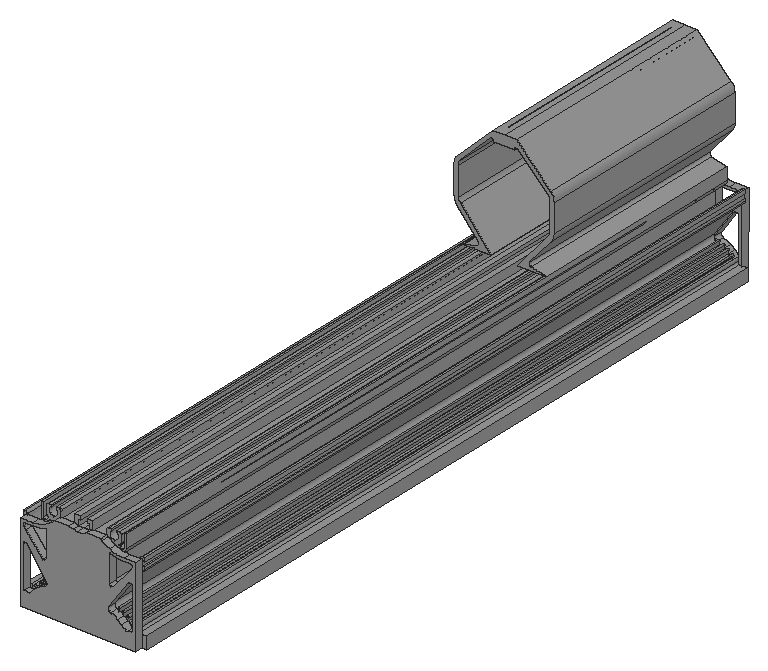
Revit family "L-street 24 Standart", category Осветительные приборы, Revit 2017 (continued)
Types (7, lengths in mm): name | built-in parameter 1150134 | Файл фотометрической сетки | built-in parameter 1150105 | Lumens | built-in parameter 1150106 | built-in parameter 1150142 | Wattage | built-in parameter 1150107 | Артикул
    08.164 1747.117 1770.316 1768.025 1760.292 1766.879 1781.772 1788.933 1742.247 1484.476 1009.032 603.758 398.114 286.413\r\n 198.198 124.017 71.031 49.263 41.53 36.947 33.224 28.928 0.00 0.00 0.00 0.00 0.00 0.00 0.00 0.00 0.00 0.00 0.00 0.00 0.00 0.00 \r\n0.00 0.00 0.00 0.00 0.00 0.00 0.00 0.00 0.00 0.00 0.00 0.00 0.00 0.00 0.00 0.00 0.00 0.00 0.00 0.00 0.00 0.00\r\n1229.747 1257.351 1285.419 1315.206 1347.284 1381.081 1415.451 1448.674 1479.034 1507.675 1536.317 1564.958 1593.026 1623.959 \r\n1657.183 1695.562 1741.388 1779.767 1790.651 1781.486 1783.204 1805.544 1842.778 1871.419 1782.63 1359.313 800.808 478.309 317.918 \r\n211.945 136.332 76.186 50.409 42.962 38.952 34.942 30.36 0.00 0.00 0.00 0.00 0.00 0.00 0.00 0.00 0.00 0.00 0.00 0.00 0.00 0.00 0.00\r\n 0.00 0.00 0.00 0.00 0.00 0.00 0.00 0.00 0.00 0.00 0.00 0.00 0.00 0.00 0.00 0.00 0.00 0.00 0.00 0.00 0.00\r\n1229.747 1257.638 1284.56 1312.629 1343.561 1376.785 1411.441 1443.805 1473.593 1501.947 1531.162 1559.23 1585.866 1614.794 \r\n1645.727 1681.242 1723.917 1767.165 1794.661 1799.244 1801.535 1815.282 1844.497 1885.74 1877.148 1643.435 1200.641 755.557 432.483\r\n 248.033 147.503 79.623 53.56 46.399 42.103 38.093 32.651 0.00 0.00 0.00 0.00 0.00 0.00 0.00 0.00 0.00 0.00 0.00 0.00 0.00 0.00 \r\n0.00 0.00 0.00 0.00 0.00 0.00 0.00 0.00 0.00 0.00 0.00 0.00 0.00 0.00 0.00 0.00 0.00 0.00 0.00 0.00 0.00 0.00\r\n1229.747 1257.924 1283.701 1310.051 1339.838 1372.489 1407.431 1438.936 1468.151 1496.219 1526.006 1553.501 1578.706 1605.629 \r\n1634.27 1666.921 1706.446 1754.563 1798.671 1817.001 1819.865 1825.02 1846.215 1900.061 1971.664 1927.555 1600.471 1032.803 547.047\r\n 284.121 158.673 83.06 56.71 49.836 45.253 41.243 34.942 0.00 0.00 0.00 0.00 0.00 0.00 0.00 0.00 0.00 0.00 0.00 0.00 0.00 0.00 0.00\r\n 0.00 0.00 0.00 0.00 0.00 0.00 0.00 0.00 0.00 0.00 0.00 0.00 0.00 0.00 0.00 0.00 0.00 0.00 0.00 0.00 0.00\r\n1229.747 1258.211 1281.41 1306.614 1334.683 1365.902 1399.698 1431.776 1461.277 1489.918 1519.992 1547.20 1571.546 1596.75 1622.241\r\n 1649.164 1680.955 1720.767 1764.588 1798.671 1818.147 1829.603 1841.06 1868.842 1920.683 1941.304 1780.627 1385.378 903.918 \r\n493.489 211.373 82.201 57.569 55.278 51.268 45.826 38.093 0.00 0.00 0.00 0.00 0.00 0.00 0.00 0.00 0.00 0.00 0.00 0.00 0.00 0.00 \r\n0.00 0.00 0.00 0.00 0.00 0.00 0.00 0.00 0.00 0.00 0.00 0.00 0.00 0.00 0.00 0.00 0.00 0.00 0.00 0.00 0.00 0.00\r\n1229.747 1258.497 1279.118 1303.177 1329.527 1359.314 1391.965 1424.616 1454.403 1483.617 1513.977 1540.899 1564.385 1587.871 \r\n1610.211 1631.406 1655.464 1686.97 1730.504 1780.34 1816.428 1834.186 1835.904 1837.623 1869.701 1955.052 1960.779 1737.949 \r\n1260.786 702.855 264.072 81.341 58.428 60.719 57.283 50.409 41.243 0.00 0.00 0.00 0.00 0.00 0.00 0.00 0.00 0.00 0.00 0.00 0.00 0.00\r\n 0.00 0.00 0.00 0.00 0.00 0.00 0.00 0.00 0.00 0.00 0.00 0.00 0.00 0.00 0.00 0.00 0.00 0.00 0.00 0.00 0.00 0.00 0.00\r\n1229.747 1259.643 1279.118 1301.459 1326.949 1356.45 1388.242 1419.174 1447.243 1475.598 1503.953 1529.443 1551.497 1574.123 \r\n1594.745 1612.789 1631.406 1655.178 1687.829 1726.781 1763.156 1791.224 1804.972 1808.695 1817.288 1858.818 1882.59 1747.403 \r\n1382.80 869.262 319.923 77.904 53.846 61.292 58.715 51.841 41.243 0.00 0.00 0.00 0.00 0.00 0.00 0.00 0.00 0.00 0.00 0.00 0.00 0.00 \r\n0.00 0.00 0.00 0.00 0.00 0.00 0.00 0.00 0.00 0.00 0.00 0.00 0.00 0.00 0.00 0.00 0.00 0.00 0.00 0.00 0.00 0.00 0.00\r\n1229.747 1260.788 1279.118 1299.74 1324.371 1353.586 1384.518 1413.732 1440.082 1467.578 1493.928 1517.986 1538.608 1560.375 \r\n1579.279 1594.172 1607.347 1623.386 1645.153 1673.222 1709.883 1748.262 1774.039 1779.767 1764.874 1762.584 1804.399 1756.854 \r\n1504.81 1035.667 375.773 74.467 49.263 61.865 60.147 53.273 41.243 0.00 0.00 0.00 0.00 0.00 0.00 0.00 0.00 0.00 0.00 0.00 0.00 0.00\r\n 0.00 0.00 0.00 0.00 0.00 0.00 0.00 0.00 0.00 0.00 0.00 0.00 0.00 0.00 0.00 0.00 0.00 0.00 0.00 0.00 0.00 0.00 0.00\r\n1229.747 1261.075 1276.827 1296.017 1320.075 1348.144 1378.217 1406.572 1432.922 1460.131 1486.195 1509.967 1530.589 1550.637 \r\n1567.823 1579.279 1590.162 1602.192 1616.512 1633.124 1655.751 1680.955 1701.004 1712.747 1713.606 1713.32 1720.194 1662.625 \r\n1457.84 989.556 353.433 76.186 50.409 65.589 66.448 60.433 47.831 0.00 0.00 0.00 0.00 0.00 0.00 0.00 0.00 0.00 0.00 0.00 0.00 0.00 \r\n0.00 0.00 0.00 0.00 0.00 0.00 0.00 0.00 0.00 0.00 0.00 0.00 0.00 0.00 0.00 0.00 0.00 0.00 0.00 0.00 0.00 0.00 0.00\r\n1229.747 1261.361 1274.536 1292.293 1315.779 1342.702 1371.916 1399.412 1425.761 1452.684 1478.461 1501.947 1522.569 1540.899 \r\n1556.366 1564.385 1572.977 1580.997 1587.871 1593.026 1601.619 1613.648 1627.969 1645.726 1662.338 1664.057 1635.989 1568.396 \r\n1410.868 943.443 331.093 77.904 51.554 69.312 72.749 67.593 54.418 0.00 0.00 0.00 0.00 0.00 0.00 0.00 0.00 0.00 0.00 0.00 0.00 0.00\r\n 0.00 0.00 0.00 0.00 0.00 0.00 0.00 0.00 0.00 0.00 0.00 0.00 0.00 0.00 0.00 0.00 0.00 0.00 0.00 0.00 0.00 0.00 0.00\r\n1229.747 1261.361 1272.818 1289.143 1311.77 1337.26 1364.469 1390.533 1416.023 1442.087 1466.432 1488.486 1508.249 1526.006 \r\n1538.608 1545.196 1551.21 1556.652 1560.089 1561.235 1562.094 1562.953 1566.677 1572.978 1577.274 1578.133 1553.215 1466.719 \r\n1292.58 765.295 233.14 69.026 61.292 71.603 70.744 65.302 51.841 0.00 0.00 0.00 0.00 0.00 0.00 0.00 0.00 0.00 0.00 0.00 0.00 0.00 \r\n0.00 0.00 0.00 0.00 0.00 0.00 0.00 0.00 0.00 0.00 0.00 0.00 0.00 0.00 0.00 0.00 0.00 0.00 0.00 0.00 0.00 0.00 0.00\r\n1229.747 1261.361 1271.099 1285.992 1307.76 1331.818 1357.022 1381.654 1406.285 1431.49 1454.403 1475.024 1493.928 1511.112 1520.85\r\n 1526.006 1529.443 1532.307 1532.307 1529.443 1522.569 1512.258 1505.384 1500.229 1492.209 1492.209 1470.442 1365.042 1174.291 \r\n587.146 135.187 60.147 71.03 73.894 68.739 63.011 49.263 0.00 0.00 0.00 0.00 0.00 0.00 0.00 0.00 0.00 0.00 0.00 0.00 0.00 0.00 0.00\r\n 0.00 0.00 0.00 0.00 0.00 0.00 0.00 0.00 0.00 0.00 0.00 0.00 0.00 0.00 0.00 0.00 0.00 0.00 0.00 0.00 0.00\r\n1229.747 1261.361 1269.094 1282.269 1300.886 1323.226 1346.998 1370.198 1393.683 1418.029 1439.796 1460.704 1479.035 1495.073 \r\n1503.666 1506.53 1507.962 1507.962 1505.671 1500.515 1491.35 1479.607 1469.583 1457.267 1439.796 1427.767 1389.674 1272.817 \r\n1071.756 507.81 121.153 62.725 73.322 74.754 69.312 63.584 49.836 0.00 0.00 0.00 0.00 0.00 0.00 0.00 0.00 0.00 0.00 0.00 0.00 0.00 \r\n0.00 0.00 0.00 0.00 0.00 0.00 0.00 0.00 0.00 0.00 0.00 0.00 0.00 0.00 0.00 0.00 0.00 0.00 0.00 0.00 0.00 0.00 0.00\r\n1229.747 1261.361 1267.089 1278.545 1294.012 1314.633 1336.974 1358.741 1381.081 1404.567 1425.189 1446.383 1464.141 1479.034 \r\n1486.481 1487.054 1486.481 1483.617 1479.034 1471.587 1460.131 1446.956 1433.781 1414.305 1387.382 1363.324 1308.905 1180.592 \r\n969.22 428.473 107.118 65.302 75.613 75.613 69.885 64.156 50.409 0.00 0.00 0.00 0.00 0.00 0.00 0.00 0.00 0.00 0.00 0.00 0.00 0.00 \r\n0.00 0.00 0.00 0.00 0.00 0.00 0.00 0.00 0.00 0.00 0.00 0.00 0.00 0.00 0.00 0.00 0.00 0.00 0.00 0.00 0.00 0.00 0.00\r\n1229.747 1261.361 1265.657 1274.249 1288.857 1307.473 1328.095 1348.144 1369.052 1390.533 1409.436 1428.339 1444.379 1457.267 \r\n1464.427 1464.714 1462.995 1461.277 1456.408 1448.102 1436.073 1423.184 1408.577 1387.382 1360.173 1333.537 1267.089 1123.31 \r\n889.311 355.725 92.225 66.448 74.754 72.463 67.021 61.292 47.831 0.00 0.00 0.00 0.00 0.00 0.00 0.00 0.00 0.00 0.00 0.00 0.00 0.00 \r\n0.00 0.00 0.00 0.00 0.00 0.00 0.00 0.00 0.00 0.00 0.00 0.00 0.00 0.00 0.00 0.00 0.00 0.00 0.00 0.00 0.00 0.00 0.00\r\n1229.747 1261.361 1264.225 1269.953 1283.701 1300.313 1319.216 1337.546 1357.022 1376.499 1393.683 1410.295 1424.616 1435.499 \r\n1442.373 1442.373 1439.509 1438.936 1433.781 1424.616 1412.014 1399.412 1383.372 1360.459 1332.964 1303.75 1225.273 1066.027 \r\n809.402 282.976 77.331 67.593 73.894 69.312 64.156 58.428 45.253 0.00 0.00 0.00 0.00 0.00 0.00 0.00 0.00 0.00 0.00 0.00 0.00 0.00 \r\n0.00 0.00 0.00 0.00 0.00 0.00 0.00 0.00 0.00 0.00 0.00 0.00 0.00 0.00 0.00 0.00 0.00 0.00 0.00 0.00 0.00 0.00 0.00\r\n1229.747 1263.652 1265.084 1269.953 1282.269 1297.735 1314.634 1331.818 1349.862 1367.62 1384.518 1399.984 1412.873 1422.897 \r\n1427.194 1426.621 1424.616 1424.043 1420.033 1412.587 1402.276 1391.965 1377.644 1356.736 1330.959 1301.745 1229.569 1082.639 \r\n837.757 342.836 100.244 61.579 67.593 69.599 66.734 61.292 48.404 0.00 0.00 0.00 0.00 0.00 0.00 0.00 0.00 0.00 0.00 0.00 0.00 0.00 \r\n0.00 0.00 0.00 0.00 0.00 0.00 0.00 0.00 0.00 0.00 0.00 0.00 0.00 0.00 0.00 0.00 0.00 0.00 0.00 0.00 0.00 0.00 0.00\r\n1229.747 1265.943 1265.943 1269.953 1280.837 1295.157 1310.051 1326.09 1342.702 1358.741 1375.353 1389.673 1401.13 1410.295 \r\n1412.014 1410.868 1409.722 1409.15 1406.285 1400.557 1392.538 1384.518 1371.916 1353.013 1328.954 1299.74 1233.865 1099.251 866.111\r\n 402.696 123.157 55.564 61.292 69.885 69.312 64.156 51.554 0.00 0.00 0.00 0.00 0.00 0.00 0.00 0.00 0.00 0.00 0.00 0.00 0.00 0.00 \r\n0.00 0.00 0.00 0.00 0.00 0.00 0.00 0.00 0.00 0.00 0.00 0.00 0.00 0.00 0.00 0.00 0.00 0.00 0.00 0.00 0.00 0.00" | 28.7797 W | 4000 (stored number, unit not read) | "310011"
